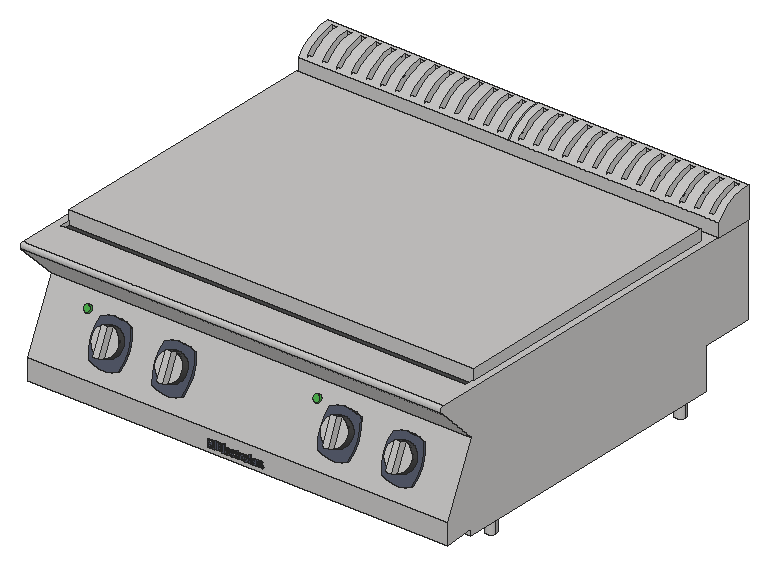
Revit family "QF_ELECTROLUXPROFESSIONAL_371028_E7HOEH4000", category Specialty Equipment, Revit 2018
Family settings
  Round Connector Dimension = Use Diameter
  Part Type = Normal
  Work Plane-Based = No
  Always vertical = Yes
  Cut with Voids When Loaded = No
  Shared = No
  Room Calculation Point = No
Parameters
  Width = 800 mm  # constant formula
  Weight in Pounds = 198  # constant formula
  Watts = 10000 VA  # 10000 W
  Volts = 400 V  # constant formula
  URL Cutsheet = "www.electrolux.com/foodservice"
  URL = "www.electrolux.com/foodservice"
  Type Mark [instance] = ""
  Status [instance] = ""
  Specification by User [instance] = ""
  Specification by Manufacturer = ""
  Show Logo [instance] = yes
  Show Clearance [instance] = yes
  Serial Number = ""
  Seismic Rating = ""
  SMACNA No = ""
  Revision Code [instance] = ""
  Phase = 3  # constant formula
  Omniclass Number and Title = ""
  Number of Poles [instance] = 1
  NAFEM Spec ID Number = ""
  Model = "371028"
  Min Ckt Ampacity = 0 A
  Max Overcurrent Protection = 0 A
  Masterspec = ""
  Manufacturer = "ELECTROLUX"
  Item Number [instance] = ""
  Installed By [instance] = ""
  Identify Quantity as Lot [instance] = yes
  Height = 332 mm  # constant formula
  HP = "13.4 HP"
  Furnished By [instance] = ""
  Foodservice Equipment Identifier [instance] = yes
  FL Amps = 0 A
  Electrical Remarks [instance] = "400 V/3N ph/50/60 Hz"  # constant formula
  Electric Connection Type [instance] = ""
  Elec Conn RI Height [instance] = 0 mm
  Elec Conn Connection Height [instance] = 0 mm
  Direct Waste Size = 0"
  Description = "700XP Electrical Hob Cooking Top 800mm -  400V/3N/50-60Hz"
  Depth = 730 mm  # constant formula
  Cycle = if([60 Hertz Option], 60 Hz, 50 Hz)  # 60 Hz
  Conn Plug = ""
  Conn Conduit = yes
  CSI MasterFormat = ""
  CSI Master Format = ""
  Base Height [instance] = 24 mm  # constant formula
  Apparent Power = if(Phase = 3, Volts * FL Amps * 1.73, Volts * FL Amps)  # 0 VA
  60 Hertz Option = not([50 Hertz Option])  # yes
  50 Hertz Option = no
Reference planes
  plane 1 "BACK": y = 0
  plane 2: z = 0
  plane 3 "LEFT": x = 0
  plane 4 "RIGHT": x = 800
  plane 5 "FRONT": y = -730
  plane 6 "TOP": z = 332
  plane 7 "Center Y": x = 400
  plane 8 "Center X": y = -365
  plane 9 "BASE": z = 24
  plane 10 "TOP A": z = 273.238
  plane 11: y = -597.884
  plane 12: y = -147.637
Forms (mm)
  Extrusion 1, solid, material "QF_Finishes_Stainless Steel"
    sketch origin (0, 0, 0) x (0, 1, 0) y (0, 0, 1)
      loop
        line (0, 273.237) -> (-725.027, 273.237)
        arc (-725.027, 273.237) -> (-730.893, 269.318) -> (-729.517, 262.397) r 6.35
        line (-729.517, 262.397) -> (-657.416, 190.047) -> (-713.522, 69.19) -> (-713.522, 31.09) -> (-660.4, 36.7) -> (-660.4, 24) -> (-101.6, 24) -> (-101.6, 101.788) -> (0, 101.788) -> (0, 273.237)
    from 0 to 800
  Extrusion 2, void
    sketch origin (0, 0, 273.238) x (-1, 0, 0) y (0, -1, 0)
      loop
        line (-15, 93.262) -> (-15, 653.262) -> (-785.019, 653.262) -> (-785.019, 93.262) -> (-15, 93.262)
    from 0 to -6.35
  Extrusion 3, solid, material "QF_Finishes_Stainless Steel"
    sketch origin (0, 0, 0) x (1, 0, 0) y (0, 1, 0)
      loop
        circle (11.112, -147.638) r 9.525
      loop
        circle (11.112, -597.884) r 9.525
      loop
        circle (788.887, -147.638) r 9.525
      loop
        circle (788.887, -597.884) r 9.525
    from 0 to 24
  Extrusion 4, solid, material "QF_Finishes_Navy Blue"
    sketch origin (-25.325, -713.522, 69.19) x (0, 0.421077, 0.907025) y (-1, 0, 0)
      loop
        arc (101.077, -132.565) -> (66.2, -125.548) -> (31.333, -132.61) r 89.894
        arc (31.333, -132.61) -> (24.638, -161.14) -> (31.333, -189.671) r 64.14
        arc (31.333, -189.671) -> (66.2, -196.736) -> (101.077, -189.715) r 89.853
        arc (101.077, -189.715) -> (107.792, -161.14) -> (101.077, -132.565) r 64.16
      loop
        arc (101.077, -253.789) -> (66.2, -246.772) -> (31.333, -253.834) r 89.894
        arc (31.333, -253.834) -> (24.638, -282.364) -> (31.333, -310.895) r 64.14
        arc (31.333, -310.895) -> (66.2, -317.96) -> (101.077, -310.939) r 89.853
        arc (101.077, -310.939) -> (107.792, -282.364) -> (101.077, -253.789) r 64.16
    from 0 to 3.175
  Extrusion 5, solid, material "QF_Finishes_Stainless Steel"
    sketch origin (-25.325, -716.402, 70.527) x (0, 0.421077, 0.907025) y (-1, 0, 0)
      loop
        circle (68.826, -160.963) r 25.4
    from 0 to 12.7
  Extrusion 6, solid, material "QF_Finishes_Stainless Steel"
    sketch origin (-25.325, -727.921, 75.875) x (0, 0.421077, 0.907025) y (-1, 0, 0)
      loop
        arc (93.558, -166.749) -> (94.226, -160.963) -> (93.558, -155.177) r 25.4
        line (93.558, -155.177) -> (44.094, -155.177)
        arc (44.094, -155.177) -> (43.426, -160.963) -> (44.094, -166.749) r 25.4
        line (44.094, -166.749) -> (93.558, -166.749)
    from 0 to 12.7
  Extrusion 7, solid, material "QF_Finishes_Green"
    sketch origin (-80, -709.311, 78.261) x (0, 0.421077, 0.907025) y (-1, 0, 0)
      loop
        circle (93.566, -160.648) r 6.35
    from 0 to 3.175
  Extrusion 8, solid, material "QF_Finishes_Stainless Steel"
    sketch origin (0, -101.6, 101.788) x (0, 0, -1) y (-1, 0, 0)
      loop
        circle (43.882, -736.5) r 12.7
    from 0 to 12.7
  Extrusion 9, solid, material "QF_Finishes_Clearance", visible <- "Show Clearance", detail levels coarse
    sketch origin (0, 0, 0) x (1, 0, 0) y (0, 1, 0)
      loop
        line (0, -731.377) -> (0, 0) -> (800, 0) -> (800, -731.377) -> (950.019, -731.377) -> (950.019, 150.019) -> (-150.019, 150.019) -> (-150.019, -731.377) -> (0, -731.377)
    from 0 to 332
  Extrusion 10, solid, material "QF_Finishes_Stainless Steel"
    sketch origin (417.825, -716.402, 70.527) x (0, 0.421077, 0.907025) y (-1, 0, 0)
      loop
        circle (68.826, 160.963) r 25.4
    from 0 to 12.7
  Extrusion 11, solid, material "QF_Finishes_Stainless Steel"
    sketch origin (417.825, -727.921, 75.875) x (0, 0.421077, 0.907025) y (-1, 0, 0)
      loop
        line (93.558, 166.749) -> (44.094, 166.749)
        arc (44.094, 166.749) -> (43.426, 160.963) -> (44.094, 155.177) r 25.4
        line (44.094, 155.177) -> (93.558, 155.177)
        arc (93.558, 155.177) -> (94.226, 160.963) -> (93.558, 166.749) r 25.4
    from 0 to 12.7
  Extrusion 12, solid, material "QF_Finishes_Stainless Steel"
    sketch origin (0, 0, 266.888) x (-1, 0, 0) y (0, -1, 0)
      loop
        line (-15, 93.262) -> (-15, 635.002) -> (-785.019, 635.002) -> (-785.019, 93.262) -> (-15, 93.262)
    from 0 to 25.4
  Extrusion 13, solid, material "QF_Finishes_Navy Blue", visible <- "Show Logo"
    sketch origin (56.127, -713.772, 32.49) x (0, 0, 1) y (-1, 0, 0)
      loop
        line (20.674, -296.698) -> (8.307, -296.698)
        arc (8.307, -296.698) -> (14.491, -301.27) -> (20.674, -296.698) r 6.467
      loop
        arc (20.674, -296.069) -> (19.505, -290.926) -> (14.849, -288.448) r 6.338
        line (14.849, -288.448) -> (14.849, -290.494)
        arc (14.849, -290.494) -> (16.333, -294.149) -> (19.778, -296.069) r 5.941
        line (19.778, -296.069) -> (20.674, -296.069)
      loop
        arc (9.203, -296.069) -> (12.648, -294.149) -> (14.132, -290.494) r 5.941
        line (14.132, -290.494) -> (14.132, -288.448)
        arc (14.132, -288.448) -> (9.438, -290.922) -> (8.148, -296.069) r 6.504
        line (8.148, -296.069) -> (9.203, -296.069)
      loop
        line (21.349, -287.979) -> (7.604, -287.979) -> (7.604, -301.742) -> (21.349, -301.742) -> (21.349, -287.979)
      loop
        arc (21.432, -304.71) -> (21.085, -304.352) -> (20.718, -304.69) r 0.358
        arc (20.718, -304.69) -> (20.404, -305.44) -> (19.687, -305.825) r 1.216
        line (19.687, -305.825) -> (9.274, -305.825)
        arc (9.274, -305.825) -> (8.614, -305.548) -> (8.218, -304.951) r 1.238
        arc (8.218, -304.951) -> (7.823, -304.7) -> (7.518, -305.054) r 0.358
        line (7.518, -305.054) -> (7.518, -314.933) -> (10.269, -314.933) -> (10.269, -314.036)
        arc (10.269, -314.036) -> (9.36, -313.456) -> (8.904, -312.479) r 1.928
        line (8.904, -312.479) -> (8.904, -309.98)
        arc (8.904, -309.98) -> (9.18, -309.251) -> (9.868, -308.887) r 1.101
        line (9.868, -308.887) -> (13.955, -308.887) -> (13.955, -312.561)
        arc (13.955, -312.561) -> (13.602, -313.058) -> (13.037, -313.286) r 1.083
        arc (13.037, -313.286) -> (12.773, -313.591) -> (13.065, -313.869) r 0.292
        line (13.065, -313.869) -> (16.028, -313.869)
        arc (16.028, -313.869) -> (16.33, -313.596) -> (16.092, -313.266) r 0.305
        arc (16.092, -313.266) -> (15.601, -313.018) -> (15.296, -312.561) r 1.083
        line (15.296, -312.561) -> (15.296, -308.887) -> (19.973, -308.887) -> (19.973, -312.635)
        arc (19.973, -312.635) -> (19.759, -313.39) -> (19.153, -313.888) r 1.314
        arc (19.153, -313.888) -> (18.934, -314.292) -> (19.288, -314.585) r 0.361
        line (19.288, -314.585) -> (21.432, -314.585) -> (21.432, -304.71)
      loop
        arc (20.715, -315.365) -> (20.335, -316.284) -> (19.416, -316.664) r 1.299
        line (19.416, -316.664) -> (9.837, -316.664)
        arc (9.837, -316.664) -> (8.999, -316.286) -> (8.728, -315.408) r 1.118
        line (8.728, -315.408) -> (7.518, -315.408) -> (7.518, -320.758) -> (8.706, -320.758)
        arc (8.706, -320.758) -> (8.978, -319.841) -> (9.848, -319.445) r 1.153
        line (9.848, -319.445) -> (21.92, -319.445) -> (20.715, -315.365)
      loop
        line (12.483, -323.394) -> (12.483, -329.842) -> (13.282, -329.842)
        arc (13.282, -329.842) -> (15.862, -328.857) -> (17.131, -326.404) r 3.874
        line (17.131, -326.404) -> (17.131, -324.643)
        arc (17.131, -324.643) -> (15.944, -321.778) -> (13.08, -320.592) r 4.051
        line (13.08, -320.592) -> (11.072, -320.592)
        arc (11.072, -320.592) -> (8.253, -322.077) -> (7.202, -325.084) r 4.352
        arc (7.202, -325.084) -> (7.566, -327.547) -> (8.943, -329.621) r 5.713
        line (8.943, -329.621) -> (9.892, -329.621)
        arc (9.892, -329.621) -> (9.16, -328.052) -> (8.943, -326.334) r 5.579
        arc (8.943, -326.334) -> (9.737, -324.371) -> (11.616, -323.394) r 3.057
        line (11.616, -323.394) -> (12.483, -323.394)
      loop
        line (13.742, -323.394) -> (13.742, -326.977)
        arc (13.742, -326.977) -> (15.199, -327.024) -> (16.082, -325.864) r 1.59
        line (16.082, -325.864) -> (16.082, -325.034)
        arc (16.082, -325.034) -> (15.217, -323.779) -> (13.742, -323.394) r 2.184
      loop
        arc (16.533, -339.259) -> (17.022, -337.585) -> (17.179, -335.848) r 9.023
        line (17.179, -335.848) -> (17.179, -334.486)
        arc (17.179, -334.486) -> (16.02, -331.686) -> (13.22, -330.527) r 3.959
        line (13.22, -330.527) -> (10.62, -330.527)
        arc (10.62, -330.527) -> (8.338, -331.819) -> (7.221, -334.192) r 4.331
        line (7.221, -334.192) -> (7.221, -336.327)
        arc (7.221, -336.327) -> (7.729, -337.877) -> (8.651, -339.223) r 5.772
        arc (8.651, -339.223) -> (9.412, -339.274) -> (9.499, -338.515) r 0.553
        arc (9.499, -338.515) -> (9.111, -337.781) -> (8.977, -336.962) r 2.573
        line (8.977, -336.962) -> (8.977, -335.447)
        arc (8.977, -335.447) -> (9.983, -333.806) -> (11.798, -333.163) r 2.884
        line (11.798, -333.163) -> (13.077, -333.163)
        arc (13.077, -333.163) -> (14.898, -333.723) -> (15.824, -335.388) r 2.554
        line (15.824, -335.388) -> (15.824, -336.441)
        arc (15.824, -336.441) -> (15.493, -337.369) -> (14.836, -338.104) r 2.564
        arc (14.836, -338.104) -> (14.614, -338.821) -> (15.223, -339.259) r 0.643
        line (15.223, -339.259) -> (16.533, -339.259)
      loop
        line (15.515, -339.53) -> (15.515, -341.031) -> (9.467, -341.031)
        arc (9.467, -341.031) -> (7.879, -341.688) -> (7.221, -343.276) r 2.246
        line (7.221, -343.276) -> (7.221, -344.86)
        arc (7.221, -344.86) -> (7.535, -345.725) -> (8.035, -346.496) r 4.06
        arc (8.035, -346.496) -> (8.768, -346.629) -> (9.019, -345.928) r 0.576
        arc (9.019, -345.928) -> (8.913, -345.403) -> (8.977, -344.87) r 1.69
        arc (8.977, -344.87) -> (9.519, -344.082) -> (10.425, -343.779) r 1.506
        line (10.425, -343.779) -> (15.563, -343.779) -> (15.563, -346.176) -> (16.119, -346.733) -> (16.941, -346.733) -> (16.941, -343.873) -> (20.172, -343.873) -> (15.515, -339.53)
      loop
        line (7.438, -347.63) -> (7.438, -353.017) -> (8.548, -353.017)
        arc (8.548, -353.017) -> (8.942, -352.066) -> (9.893, -351.672) r 1.345
        line (9.893, -351.672) -> (13.509, -351.672)
        arc (13.509, -351.672) -> (14.274, -352.264) -> (14.564, -353.186) r 1.615
        line (14.564, -353.186) -> (14.564, -354.742) -> (17.119, -355.427) -> (17.119, -354.044) -> (15.177, -351.485) -> (17.057, -351.485) -> (16.773, -348.779)
        arc (16.773, -348.779) -> (16.333, -348.249) -> (15.674, -348.45) r 0.621
        arc (15.674, -348.45) -> (15.274, -348.792) -> (14.78, -348.975) r 1.501
        line (14.78, -348.975) -> (9.893, -348.975)
        arc (9.893, -348.975) -> (8.942, -348.581) -> (8.548, -347.63) r 1.345
        line (8.548, -347.63) -> (7.438, -347.63)
      loop
        line (13.54, -354.964) -> (10.848, -354.964)
        arc (10.848, -354.964) -> (8.403, -356.272) -> (7.269, -358.803) r 4.288
        arc (7.269, -358.803) -> (7.205, -360.183) -> (7.269, -361.563) r 15.022
        arc (7.269, -361.563) -> (8.403, -364.094) -> (10.848, -365.401) r 4.288
        line (10.848, -365.401) -> (13.54, -365.401)
        arc (13.54, -365.401) -> (15.986, -364.094) -> (17.119, -361.563) r 4.288
        arc (17.119, -361.563) -> (17.183, -360.183) -> (17.119, -358.803) r 15.022
        arc (17.119, -358.803) -> (15.986, -356.272) -> (13.54, -354.964) r 4.288
      loop
        line (13.745, -358.078) -> (10.643, -358.078)
        arc (10.643, -358.078) -> (8.486, -360.235) -> (10.643, -362.392) r 2.157
        line (10.643, -362.392) -> (13.745, -362.392)
        arc (13.745, -362.392) -> (15.902, -360.235) -> (13.745, -358.078) r 2.157
      loop
        arc (20.726, -365.26) -> (20.355, -366.154) -> (19.461, -366.524) r 1.264
        line (19.461, -366.524) -> (9.597, -366.524)
        arc (9.597, -366.524) -> (8.727, -366.127) -> (8.455, -365.211) r 1.153
        line (8.455, -365.211) -> (7.518, -365.211) -> (7.518, -370.319) -> (8.446, -370.319)
        arc (8.446, -370.319) -> (8.805, -369.547) -> (9.597, -369.232) r 1.153
        line (9.597, -369.232) -> (21.92, -369.232) -> (20.726, -365.26)
      loop
        arc (15.846, -369.857) -> (15.647, -370.921) -> (14.678, -371.403) r 1.215
        line (14.678, -371.403) -> (9.658, -371.403)
        arc (9.658, -371.403) -> (8.043, -372.051) -> (7.322, -373.634) r 2.338
        line (7.322, -373.634) -> (7.322, -375.148)
        arc (7.322, -375.148) -> (7.497, -376.152) -> (7.999, -377.038) r 2.979
        line (7.999, -377.038) -> (7.518, -378.835) -> (7.518, -380.524) -> (16.943, -380.524) -> (16.649, -376.32) -> (15.863, -376.32)
        arc (15.863, -376.32) -> (15.507, -377.156) -> (14.755, -377.665) r 1.605
        line (14.755, -377.665) -> (9.652, -377.665)
        arc (9.652, -377.665) -> (9.232, -376.728) -> (9.159, -375.704) r 2.94
        arc (9.159, -375.704) -> (9.72, -374.603) -> (10.873, -374.16) r 1.724
        line (10.873, -374.16) -> (17.07, -374.16) -> (15.846, -369.857)
      loop
        line (16.874, -381.377) -> (15.202, -383.423) -> (12.028, -385.729) -> (8.572, -382.617)
        arc (8.572, -382.617) -> (8.335, -382.223) -> (8.357, -381.764) r 0.789
        line (8.357, -381.764) -> (7.518, -381.764) -> (7.518, -385.309) -> (8.344, -385.309)
        arc (8.344, -385.309) -> (8.686, -384.947) -> (9.176, -385.039) r 0.52
        line (9.176, -385.039) -> (10.976, -386.51) -> (8.858, -387.886)
        arc (8.858, -387.886) -> (8.457, -387.576) -> (8.37, -387.076) r 0.7
        line (8.37, -387.076) -> (7.518, -387.076) -> (7.518, -393.003) -> (8.405, -393.003)
        arc (8.405, -393.003) -> (8.472, -392.344) -> (8.866, -391.813) r 1.247
        line (8.866, -391.813) -> (13.066, -388.532) -> (15.513, -390.585) -> (16.874, -392.327) -> (16.874, -388.604) -> (15.389, -389.026) -> (13.868, -387.749) -> (15.568, -386.559) -> (16.874, -387.336) -> (16.874, -381.377)
    from 0 to 1.644
  Extrusion 14, solid, material "QF_Finishes_Stainless Steel"
    sketch origin (0, 0, -1.4) x (0, 1, 0) y (0, 0, 1)
      loop
        line (0, 274.638) -> (0, 333.375)
        arc (0, 333.375) -> (-38.879, 324.991) -> (-69.85, 300.038) r 86.156
        line (-69.85, 300.038) -> (-69.85, 274.638) -> (0, 274.638)
    from 0 to 800.1
  Extrusion 15, void
    sketch origin (0, 0, 273.238) x (-1, 0, 0) y (0, -1, 0)
      loop
        line (-13.453, 6.761) -> (-13.453, 63.911) -> (-22.749, 63.911) -> (-22.749, 6.761) -> (-13.453, 6.761)
    from 25.4 to 63.5
  Extrusion 16, void
    sketch origin (361.95, 0, 273.238) x (-1, 0, 0) y (0, -1, 0)
      loop
        line (-13.453, 6.761) -> (-13.453, 63.911) -> (-22.749, 63.911) -> (-22.749, 6.761) -> (-13.453, 6.761)
    from 25.4 to 63.5
  Extrusion 17, void
    sketch origin (27.842, 0, 273.238) x (-1, 0, 0) y (0, -1, 0)
      loop
        line (-13.453, 6.761) -> (-13.453, 63.911) -> (-22.749, 63.911) -> (-22.749, 6.761) -> (-13.453, 6.761)
    from 25.4 to 63.5
  Extrusion 18, void
    sketch origin (55.685, 0, 273.238) x (-1, 0, 0) y (0, -1, 0)
      loop
        line (-13.453, 6.761) -> (-13.453, 63.911) -> (-22.749, 63.911) -> (-22.749, 6.761) -> (-13.453, 6.761)
    from 25.4 to 63.5
  Extrusion 19, void
    sketch origin (83.527, 0, 273.238) x (-1, 0, 0) y (0, -1, 0)
      loop
        line (-13.453, 6.761) -> (-13.453, 63.911) -> (-22.749, 63.911) -> (-22.749, 6.761) -> (-13.453, 6.761)
    from 25.4 to 63.5
  Extrusion 20, void
    sketch origin (111.369, 0, 273.238) x (-1, 0, 0) y (0, -1, 0)
      loop
        line (-13.453, 6.761) -> (-13.453, 63.911) -> (-22.749, 63.911) -> (-22.749, 6.761) -> (-13.453, 6.761)
    from 25.4 to 63.5
  Extrusion 21, void
    sketch origin (139.212, 0, 273.238) x (-1, 0, 0) y (0, -1, 0)
      loop
        line (-13.453, 6.761) -> (-13.453, 63.911) -> (-22.749, 63.911) -> (-22.749, 6.761) -> (-13.453, 6.761)
    from 25.4 to 63.5
  Extrusion 22, void
    sketch origin (167.054, 0, 273.238) x (-1, 0, 0) y (0, -1, 0)
      loop
        line (-13.453, 6.761) -> (-13.453, 63.911) -> (-22.749, 63.911) -> (-22.749, 6.761) -> (-13.453, 6.761)
    from 25.4 to 63.5
  Extrusion 23, void
    sketch origin (194.896, 0, 273.238) x (-1, 0, 0) y (0, -1, 0)
      loop
        line (-13.453, 6.761) -> (-13.453, 63.911) -> (-22.749, 63.911) -> (-22.749, 6.761) -> (-13.453, 6.761)
    from 25.4 to 63.5
  Extrusion 24, void
    sketch origin (222.738, 0, 273.238) x (-1, 0, 0) y (0, -1, 0)
      loop
        line (-13.453, 6.761) -> (-13.453, 63.911) -> (-22.749, 63.911) -> (-22.749, 6.761) -> (-13.453, 6.761)
    from 25.4 to 63.5
  Extrusion 25, void
    sketch origin (250.581, 0, 273.238) x (-1, 0, 0) y (0, -1, 0)
      loop
        line (-13.453, 6.761) -> (-13.453, 63.911) -> (-22.749, 63.911) -> (-22.749, 6.761) -> (-13.453, 6.761)
    from 25.4 to 63.5
  Extrusion 26, void
    sketch origin (278.423, 0, 273.238) x (-1, 0, 0) y (0, -1, 0)
      loop
        line (-13.453, 6.761) -> (-13.453, 63.911) -> (-22.749, 63.911) -> (-22.749, 6.761) -> (-13.453, 6.761)
    from 25.4 to 63.5
  Extrusion 27, void
    sketch origin (306.265, 0, 273.238) x (-1, 0, 0) y (0, -1, 0)
      loop
        line (-13.453, 6.761) -> (-13.453, 63.911) -> (-22.749, 63.911) -> (-22.749, 6.761) -> (-13.453, 6.761)
    from 25.4 to 63.5
  Extrusion 28, void
    sketch origin (334.108, 0, 273.238) x (-1, 0, 0) y (0, -1, 0)
      loop
        line (-13.453, 6.761) -> (-13.453, 63.911) -> (-22.749, 63.911) -> (-22.749, 6.761) -> (-13.453, 6.761)
    from 25.4 to 63.5
  Extrusion 29, void
    sketch origin (800.1, 0, 273.238) x (1, 0, 0) y (0, 1, 0)
      loop
        line (-13.453, -6.761) -> (-22.749, -6.761) -> (-22.749, -63.911) -> (-13.453, -63.911) -> (-13.453, -6.761)
    from 25.4 to 63.5
  Extrusion 30, void
    sketch origin (438.15, 0, 273.238) x (1, 0, 0) y (0, 1, 0)
      loop
        line (-13.453, -6.761) -> (-22.749, -6.761) -> (-22.749, -63.911) -> (-13.453, -63.911) -> (-13.453, -6.761)
    from 25.4 to 63.5
  Extrusion 31, void
    sketch origin (772.258, 0, 273.238) x (1, 0, 0) y (0, 1, 0)
      loop
        line (-13.453, -6.761) -> (-22.749, -6.761) -> (-22.749, -63.911) -> (-13.453, -63.911) -> (-13.453, -6.761)
    from 25.4 to 63.5
  Extrusion 32, void
    sketch origin (744.415, 0, 273.238) x (1, 0, 0) y (0, 1, 0)
      loop
        line (-13.453, -6.761) -> (-22.749, -6.761) -> (-22.749, -63.911) -> (-13.453, -63.911) -> (-13.453, -6.761)
    from 25.4 to 63.5
  Extrusion 33, void
    sketch origin (716.573, 0, 273.238) x (1, 0, 0) y (0, 1, 0)
      loop
        line (-13.453, -6.761) -> (-22.749, -6.761) -> (-22.749, -63.911) -> (-13.453, -63.911) -> (-13.453, -6.761)
    from 25.4 to 63.5
  Extrusion 34, void
    sketch origin (688.731, 0, 273.238) x (1, 0, 0) y (0, 1, 0)
      loop
        line (-13.453, -6.761) -> (-22.749, -6.761) -> (-22.749, -63.911) -> (-13.453, -63.911) -> (-13.453, -6.761)
    from 25.4 to 63.5
  Extrusion 35, void
    sketch origin (660.888, 0, 273.238) x (1, 0, 0) y (0, 1, 0)
      loop
        line (-13.453, -6.761) -> (-22.749, -6.761) -> (-22.749, -63.911) -> (-13.453, -63.911) -> (-13.453, -6.761)
    from 25.4 to 63.5
  Extrusion 36, void
    sketch origin (633.046, 0, 273.238) x (1, 0, 0) y (0, 1, 0)
      loop
        line (-13.453, -6.761) -> (-22.749, -6.761) -> (-22.749, -63.911) -> (-13.453, -63.911) -> (-13.453, -6.761)
    from 25.4 to 63.5
  Extrusion 37, void
    sketch origin (605.204, 0, 273.238) x (1, 0, 0) y (0, 1, 0)
      loop
        line (-13.453, -6.761) -> (-22.749, -6.761) -> (-22.749, -63.911) -> (-13.453, -63.911) -> (-13.453, -6.761)
    from 25.4 to 63.5
  Extrusion 38, void
    sketch origin (577.362, 0, 273.238) x (1, 0, 0) y (0, 1, 0)
      loop
        line (-13.453, -6.761) -> (-22.749, -6.761) -> (-22.749, -63.911) -> (-13.453, -63.911) -> (-13.453, -6.761)
    from 25.4 to 63.5
  Extrusion 39, void
    sketch origin (549.519, 0, 273.238) x (1, 0, 0) y (0, 1, 0)
      loop
        line (-13.453, -6.761) -> (-22.749, -6.761) -> (-22.749, -63.911) -> (-13.453, -63.911) -> (-13.453, -6.761)
    from 25.4 to 63.5
  Extrusion 40, void
    sketch origin (521.677, 0, 273.238) x (1, 0, 0) y (0, 1, 0)
      loop
        line (-13.453, -6.761) -> (-22.749, -6.761) -> (-22.749, -63.911) -> (-13.453, -63.911) -> (-13.453, -6.761)
    from 25.4 to 63.5
  Extrusion 41, void
    sketch origin (493.835, 0, 273.238) x (1, 0, 0) y (0, 1, 0)
      loop
        line (-13.453, -6.761) -> (-22.749, -6.761) -> (-22.749, -63.911) -> (-13.453, -63.911) -> (-13.453, -6.761)
    from 25.4 to 63.5
  Extrusion 42, void
    sketch origin (465.992, 0, 273.238) x (1, 0, 0) y (0, 1, 0)
      loop
        line (-13.453, -6.761) -> (-22.749, -6.761) -> (-22.749, -63.911) -> (-13.453, -63.911) -> (-13.453, -6.761)
    from 25.4 to 63.5
  Extrusion 43, void
    sketch origin (418.151, 0, 273.238) x (1, 0, 0) y (0, 1, 0)
      loop
        line (-16.513, 0) -> (-19.688, 0) -> (-19.688, -69.85) -> (-16.513, -69.85) -> (-16.513, 0)
    from 25.4 to 63.5
  Extrusion 44, solid, material "QF_Finishes_Navy Blue"
    sketch origin (411.208, -713.522, 69.19) x (0, 0.421077, 0.907025) y (-1, 0, 0)
      loop
        arc (101.077, -132.565) -> (66.2, -125.548) -> (31.333, -132.61) r 89.894
        arc (31.333, -132.61) -> (24.638, -161.14) -> (31.333, -189.671) r 64.14
        arc (31.333, -189.671) -> (66.2, -196.736) -> (101.077, -189.715) r 89.853
        arc (101.077, -189.715) -> (107.792, -161.14) -> (101.077, -132.565) r 64.16
      loop
        arc (101.077, -253.789) -> (66.2, -246.772) -> (31.333, -253.834) r 89.894
        arc (31.333, -253.834) -> (24.638, -282.364) -> (31.333, -310.895) r 64.14
        arc (31.333, -310.895) -> (66.2, -317.96) -> (101.077, -310.939) r 89.853
        arc (101.077, -310.939) -> (107.792, -282.364) -> (101.077, -253.789) r 64.16
    from 0 to 3.175
  Extrusion 45, solid, material "QF_Finishes_Stainless Steel"
    sketch origin (411.208, -716.402, 70.527) x (0, 0.421077, 0.907025) y (-1, 0, 0)
      loop
        circle (68.826, -160.963) r 25.4
    from 0 to 12.7
  Extrusion 46, solid, material "QF_Finishes_Stainless Steel"
    sketch origin (411.208, -727.921, 75.875) x (0, 0.421077, 0.907025) y (-1, 0, 0)
      loop
        arc (93.558, -166.749) -> (94.226, -160.963) -> (93.558, -155.177) r 25.4
        line (93.558, -155.177) -> (44.094, -155.177)
        arc (44.094, -155.177) -> (43.426, -160.963) -> (44.094, -166.749) r 25.4
        line (44.094, -166.749) -> (93.558, -166.749)
    from 0 to 12.7
  Extrusion 47, solid, material "QF_Finishes_Green"
    sketch origin (356.533, -709.311, 78.261) x (0, 0.421077, 0.907025) y (-1, 0, 0)
      loop
        circle (93.566, -160.648) r 6.35
    from 0 to 3.175
  Extrusion 48, solid, material "QF_Finishes_Stainless Steel"
    sketch origin (854.358, -716.402, 70.527) x (0, 0.421077, 0.907025) y (-1, 0, 0)
      loop
        circle (68.826, 160.963) r 25.4
    from 0 to 12.7
  Extrusion 49, solid, material "QF_Finishes_Stainless Steel"
    sketch origin (854.358, -727.921, 75.875) x (0, 0.421077, 0.907025) y (-1, 0, 0)
      loop
        line (93.558, 166.749) -> (44.094, 166.749)
        arc (44.094, 166.749) -> (43.426, 160.963) -> (44.094, 155.177) r 25.4
        line (44.094, 155.177) -> (93.558, 155.177)
        arc (93.558, 155.177) -> (94.226, 160.963) -> (93.558, 166.749) r 25.4
    from 0 to 12.7
Cuts and joins
  Extrusion 2, Extrusion 15, Extrusion 16, Extrusion 17, Extrusion 18, Extrusion 19, Extrusion 20, Extrusion 21, Extrusion 22, Extrusion 23, Extrusion 24, Extrusion 25, Extrusion 26, Extrusion 27, Extrusion 28, Extrusion 29, Extrusion 30, Extrusion 31, Extrusion 32, Extrusion 33, Extrusion 34, Extrusion 35, Extrusion 36, Extrusion 37, Extrusion 38, Extrusion 39, Extrusion 40, Extrusion 41, Extrusion 42, Extrusion 43 cuts Extrusion 1
  joined: Extrusion 5, Extrusion 6
  Extrusion 15 cuts Extrusion 9
  Extrusion 15, Extrusion 16, Extrusion 17, Extrusion 18, Extrusion 19, Extrusion 20, Extrusion 21, Extrusion 22, Extrusion 23, Extrusion 24, Extrusion 25, Extrusion 26, Extrusion 27, Extrusion 28, Extrusion 29, Extrusion 30, Extrusion 31, Extrusion 32, Extrusion 33, Extrusion 34, Extrusion 35, Extrusion 36, Extrusion 37, Extrusion 38, Extrusion 39, Extrusion 40, Extrusion 41, Extrusion 42, Extrusion 43 cuts Extrusion 14
Lines and regions (mm)
  symbolic lines, style "QF-Clearances", visible <- "Show Clearance", detail levels coarse
    curve 1: line (-150.019, 150.019, 273.238) -> (-150.019, -731.377, 273.238)
    curve 2: line (950.019, 150.019, 273.237) -> (-150.019, 150.019, 273.238)
    curve 3: line (950.019, -731.377, 273.237) -> (950.019, 150.019, 273.237)
  symbolic lines
    curve 4: line (0, 0, 273.238) -> (800, 0, 273.237)
    curve 5: line (0, -730, 273.238) -> (0, 0, 273.238)
    curve 6: line (800, 0, 273.237) -> (800, -730, 273.237)
    curve 7: line (31.725, -69.85, 273.238) -> (0, -69.85, 273.238)
    curve 8: line (0, -69.85, 273.238) -> (0, -120.65, 273.238)
    curve 9: line (0, -69.85, 273.238) -> (800, -69.85, 273.237)
    curve 10: line (800, -730, 273.237) -> (0, -730, 273.238)
    curve 11: line (15, -653.262, 266.888) -> (15, -93.262, 266.888)
    curve 12: line (15, -93.262, 266.888) -> (785.019, -93.262, 266.887)
    curve 13: line (785.019, -93.262, 266.887) -> (785.019, -653.262, 266.887)
    curve 14: line (785.019, -653.262, 266.887) -> (15, -653.262, 266.888)
    curve 15: line (13.453, -63.911, 266.888) -> (13.453, -6.761, 266.888)
    curve 16: line (13.453, -6.761, 266.888) -> (22.749, -6.761, 266.888)
    curve 17: line (22.749, -6.761, 266.888) -> (22.749, -63.911, 266.888)
    curve 18: line (22.749, -63.911, 266.888) -> (13.453, -63.911, 266.888)
    curve 19: line (375.403, -63.911, 266.887) -> (375.403, -6.761, 266.887)
    curve 20: line (375.403, -6.761, 266.887) -> (384.699, -6.761, 266.887)
    curve 21: line (384.699, -6.761, 266.887) -> (384.699, -63.911, 266.887)
    curve 22: line (384.699, -63.911, 266.887) -> (375.403, -63.911, 266.887)
    curve 23: line (41.295, -63.911, 266.888) -> (41.295, -6.761, 266.888)
    curve 24: line (41.295, -6.761, 266.888) -> (50.591, -6.761, 266.888)
    curve 25: line (50.591, -6.761, 266.888) -> (50.591, -63.911, 266.888)
    curve 26: line (50.591, -63.911, 266.888) -> (41.295, -63.911, 266.888)
    curve 27: line (69.137, -63.911, 266.888) -> (69.137, -6.761, 266.888)
    curve 28: line (69.137, -6.761, 266.888) -> (78.433, -6.761, 266.888)
    curve 29: line (78.433, -6.761, 266.888) -> (78.433, -63.911, 266.888)
    curve 30: line (78.433, -63.911, 266.888) -> (69.137, -63.911, 266.888)
    curve 31: line (96.98, -63.911, 266.888) -> (96.98, -6.761, 266.888)
    curve 32: line (96.98, -6.761, 266.888) -> (106.275, -6.761, 266.888)
    curve 33: line (106.275, -6.761, 266.888) -> (106.275, -63.911, 266.888)
    curve 34: line (106.275, -63.911, 266.888) -> (96.98, -63.911, 266.888)
    curve 35: line (124.822, -63.911, 266.888) -> (124.822, -6.761, 266.888)
    curve 36: line (124.822, -6.761, 266.888) -> (134.118, -6.761, 266.888)
    curve 37: line (134.118, -6.761, 266.888) -> (134.118, -63.911, 266.888)
    curve 38: line (134.118, -63.911, 266.888) -> (124.822, -63.911, 266.888)
    curve 39: line (152.664, -63.911, 266.888) -> (152.664, -6.761, 266.888)
    curve 40: line (152.664, -6.761, 266.888) -> (161.96, -6.761, 266.888)
    curve 41: line (161.96, -6.761, 266.888) -> (161.96, -63.911, 266.888)
    curve 42: line (161.96, -63.911, 266.888) -> (152.664, -63.911, 266.888)
    curve 43: line (180.507, -63.911, 266.888) -> (180.507, -6.761, 266.888)
    curve 44: line (180.507, -6.761, 266.888) -> (189.802, -6.761, 266.888)
    curve 45: line (189.802, -6.761, 266.888) -> (189.802, -63.911, 266.888)
    curve 46: line (189.802, -63.911, 266.888) -> (180.507, -63.911, 266.888)
    curve 47: line (208.349, -63.911, 266.888) -> (208.349, -6.761, 266.888)
    curve 48: line (208.349, -6.761, 266.888) -> (217.645, -6.761, 266.888)
    curve 49: line (217.645, -6.761, 266.888) -> (217.645, -63.911, 266.888)
    curve 50: line (217.645, -63.911, 266.888) -> (208.349, -63.911, 266.888)
    curve 51: line (236.191, -63.911, 266.888) -> (236.191, -6.761, 266.888)
    curve 52: line (236.191, -6.761, 266.888) -> (245.487, -6.761, 266.888)
    curve 53: line (245.487, -6.761, 266.888) -> (245.487, -63.911, 266.888)
    curve 54: line (245.487, -63.911, 266.888) -> (236.191, -63.911, 266.888)
    curve 55: line (264.034, -63.911, 266.888) -> (264.034, -6.761, 266.888)
    curve 56: line (264.034, -6.761, 266.888) -> (273.329, -6.761, 266.888)
    curve 57: line (273.329, -6.761, 266.888) -> (273.329, -63.911, 266.888)
    curve 58: line (273.329, -63.911, 266.888) -> (264.034, -63.911, 266.888)
    curve 59: line (291.876, -63.911, 266.888) -> (291.876, -6.761, 266.888)
    curve 60: line (291.876, -6.761, 266.888) -> (301.172, -6.761, 266.888)
    curve 61: line (301.172, -6.761, 266.888) -> (301.172, -63.911, 266.888)
    curve 62: line (301.172, -63.911, 266.888) -> (291.876, -63.911, 266.888)
    curve 63: line (319.718, -63.911, 266.888) -> (319.718, -6.761, 266.888)
    curve 64: line (319.718, -6.761, 266.888) -> (329.014, -6.761, 266.888)
    curve 65: line (329.014, -6.761, 266.888) -> (329.014, -63.911, 266.888)
    curve 66: line (329.014, -63.911, 266.888) -> (319.718, -63.911, 266.888)
    curve 67: line (347.561, -63.911, 266.888) -> (347.561, -6.761, 266.888)
    curve 68: line (347.561, -6.761, 266.888) -> (356.856, -6.761, 266.888)
    curve 69: line (356.856, -6.761, 266.888) -> (356.856, -63.911, 266.888)
    curve 70: line (356.856, -63.911, 266.888) -> (347.561, -63.911, 266.888)
    curve 71: line (786.547, -63.911, 266.888) -> (786.547, -6.761, 266.888)
    curve 72: line (786.547, -6.761, 266.888) -> (777.251, -6.761, 266.888)
    curve 73: line (777.251, -6.761, 266.888) -> (777.251, -63.911, 266.888)
    curve 74: line (777.251, -63.911, 266.888) -> (786.547, -63.911, 266.888)
    curve 75: line (424.597, -63.911, 266.887) -> (424.597, -6.761, 266.887)
    curve 76: line (424.597, -6.761, 266.887) -> (415.301, -6.761, 266.887)
    curve 77: line (415.301, -6.761, 266.887) -> (415.301, -63.911, 266.887)
    curve 78: line (415.301, -63.911, 266.887) -> (424.597, -63.911, 266.887)
    curve 79: line (758.705, -63.911, 266.888) -> (758.705, -6.761, 266.888)
    curve 80: line (758.705, -6.761, 266.888) -> (749.409, -6.761, 266.888)
    curve 81: line (749.409, -6.761, 266.888) -> (749.409, -63.911, 266.888)
    curve 82: line (749.409, -63.911, 266.888) -> (758.705, -63.911, 266.888)
    curve 83: line (730.863, -63.911, 266.888) -> (730.863, -6.761, 266.888)
    curve 84: line (730.863, -6.761, 266.888) -> (721.567, -6.761, 266.888)
    curve 85: line (721.567, -6.761, 266.888) -> (721.567, -63.911, 266.888)
    curve 86: line (721.567, -63.911, 266.888) -> (730.863, -63.911, 266.888)
    curve 87: line (703.02, -63.911, 266.888) -> (703.02, -6.761, 266.888)
    curve 88: line (703.02, -6.761, 266.888) -> (693.725, -6.761, 266.888)
    curve 89: line (693.725, -6.761, 266.888) -> (693.725, -63.911, 266.888)
    curve 90: line (693.725, -63.911, 266.888) -> (703.02, -63.911, 266.888)
    curve 91: line (675.178, -63.911, 266.888) -> (675.178, -6.761, 266.888)
    curve 92: line (675.178, -6.761, 266.888) -> (665.882, -6.761, 266.888)
    curve 93: line (665.882, -6.761, 266.888) -> (665.882, -63.911, 266.888)
    curve 94: line (665.882, -63.911, 266.888) -> (675.178, -63.911, 266.888)
    curve 95: line (647.336, -63.911, 266.888) -> (647.336, -6.761, 266.888)
    curve 96: line (647.336, -6.761, 266.888) -> (638.04, -6.761, 266.888)
    curve 97: line (638.04, -6.761, 266.888) -> (638.04, -63.911, 266.888)
    curve 98: line (638.04, -63.911, 266.888) -> (647.336, -63.911, 266.888)
    curve 99: line (619.493, -63.911, 266.888) -> (619.493, -6.761, 266.888)
    curve 100: line (619.493, -6.761, 266.888) -> (610.198, -6.761, 266.888)
    curve 101: line (610.198, -6.761, 266.888) -> (610.198, -63.911, 266.888)
    curve 102: line (610.198, -63.911, 266.888) -> (619.493, -63.911, 266.888)
    curve 103: line (591.651, -63.911, 266.888) -> (591.651, -6.761, 266.888)
    curve 104: line (591.651, -6.761, 266.888) -> (582.355, -6.761, 266.888)
    curve 105: line (582.355, -6.761, 266.888) -> (582.355, -63.911, 266.888)
    curve 106: line (582.355, -63.911, 266.888) -> (591.651, -63.911, 266.888)
    curve 107: line (563.809, -63.911, 266.888) -> (563.809, -6.761, 266.888)
    curve 108: line (563.809, -6.761, 266.888) -> (554.513, -6.761, 266.888)
    curve 109: line (554.513, -6.761, 266.888) -> (554.513, -63.911, 266.888)
    curve 110: line (554.513, -63.911, 266.888) -> (563.809, -63.911, 266.888)
    curve 111: line (535.966, -63.911, 266.888) -> (535.966, -6.761, 266.888)
    curve 112: line (535.966, -6.761, 266.888) -> (526.671, -6.761, 266.888)
    curve 113: line (526.671, -6.761, 266.888) -> (526.671, -63.911, 266.888)
    curve 114: line (526.671, -63.911, 266.888) -> (535.966, -63.911, 266.888)
    curve 115: line (508.124, -63.911, 266.888) -> (508.124, -6.761, 266.888)
    curve 116: line (508.124, -6.761, 266.888) -> (498.828, -6.761, 266.888)
    curve 117: line (498.828, -6.761, 266.888) -> (498.828, -63.911, 266.888)
    curve 118: line (498.828, -63.911, 266.888) -> (508.124, -63.911, 266.888)
    curve 119: line (480.282, -63.911, 266.888) -> (480.282, -6.761, 266.888)
    curve 120: line (480.282, -6.761, 266.888) -> (470.986, -6.761, 266.888)
    curve 121: line (470.986, -6.761, 266.888) -> (470.986, -63.911, 266.888)
    curve 122: line (470.986, -63.911, 266.888) -> (480.282, -63.911, 266.888)
    curve 123: line (452.439, -63.911, 266.888) -> (452.439, -6.761, 266.888)
    curve 124: line (452.439, -6.761, 266.888) -> (443.144, -6.761, 266.888)
    curve 125: line (443.144, -6.761, 266.888) -> (443.144, -63.911, 266.888)
    curve 126: line (443.144, -63.911, 266.888) -> (452.439, -63.911, 266.888)
    curve 127: line (401.638, -69.85, 266.887) -> (401.638, 0, 266.887)
    curve 128: line (398.463, 0, 266.887) -> (398.463, -69.85, 266.887)
Dimensions and locks
  equal spacing: plane 3 "LEFT", plane 7 "Center Y", plane 4 "RIGHT"
  "Width": plane 3 "LEFT" to plane 4 "RIGHT"
  equal spacing: plane 5 "FRONT", plane 8 "Center X", plane 1 "BACK"
  "Depth": plane 5 "FRONT" to plane 1 "BACK"
  "Height": plane 6 "TOP" to level
  "Base Height": plane 9 "BASE" to level
  plane 1 "BACK" to plane 5 "FRONT" = 730 mm
  plane 10 "TOP A" to plane 9 "BASE" = 249.237 mm
  aligned and locked: level to plane 2
  aligned and locked: plane 4 "RIGHT" to Extrusion 1
  aligned and locked: Extrusion 3 to plane 9 "BASE"
  aligned and locked: plane 6 "TOP" to Extrusion 9
Automatic sketch dimensions
  Extrusion 1 sketch curve to plane 10 "TOP A" = 0 mm
  Extrusion 1 sketch curve to plane 9 "BASE" = 0 mm
  Extrusion 1 sketch curve to plane 1 "BACK" = 0 mm
  Extrusion 1 sketch curve to plane 12 = 46.038 mm
  plane 11 to Extrusion 1 sketch curve = 59.531 mm
  plane 9 "BASE" to Extrusion 1 sketch curve = 12.7 mm
  plane 11 to Extrusion 1 sketch curve = 62.516 mm
  Extrusion 1 sketch curve to plane 5 "FRONT" = 16.478 mm
  Extrusion 1 sketch curve to plane 5 "FRONT" = 4.973 mm
  Extrusion 1 sketch curve to plane 5 "FRONT" = 0.483 mm
  plane 9 "BASE" to Extrusion 1 sketch curve = 7.09 mm
  Extrusion 1 sketch curve to Extrusion 1 sketch curve = 38.1 mm
  plane 9 "BASE" to Extrusion 1 sketch curve = 77.788 mm
  Extrusion 1 sketch curve to plane 10 "TOP A" = 83.191 mm
  Extrusion 1 sketch curve to plane 10 "TOP A" = 10.84 mm
  Extrusion 2 sketch curve to plane 4 "RIGHT" = 14.981 mm
  plane 3 "LEFT" to Extrusion 2 sketch curve = 15 mm
  Extrusion 2 sketch curve to plane 12 = 54.376 mm
  plane 11 to Extrusion 2 sketch curve = 55.377 mm
  plane 11 to Extrusion 3 sketch curve = 0 mm  (x2)
  plane 12 to Extrusion 3 sketch curve = 0 mm  (x2)
  plane 3 "LEFT" to Extrusion 3 sketch curve = 11.112 mm  (x2)
  Extrusion 3 sketch curve to plane 4 "RIGHT" = 11.113 mm  (x2)
  Extrusion 4 sketch curve to Extrusion 1 = 31.333 mm  (x4)
  Extrusion 4 sketch curve to Extrusion 4 sketch curve = 12.3 mm  (x6)
  Extrusion 4 sketch curve to Extrusion 4 sketch curve = 34.925 mm  (x3)
  Extrusion 4 sketch curve to Extrusion 4 sketch curve = 0 mm
  Extrusion 1 to Extrusion 4 sketch curve = 44.467 mm  (x2)
  Extrusion 1 to Extrusion 4 sketch curve = 311.341 mm
  Extrusion 4 sketch curve to Extrusion 4 sketch curve = 25.727 mm  (x2)
  Extrusion 4 sketch curve to Extrusion 4 sketch curve = 25.771 mm  (x2)
  Extrusion 4 sketch curve to Extrusion 4 sketch curve = 28.531 mm  (x2)
  Extrusion 4 sketch curve to Extrusion 4 sketch curve = 12.664 mm
  Extrusion 6 sketch curve to Extrusion 6 sketch curve = 24.732 mm
  Extrusion 6 sketch curve to Extrusion 6 sketch curve = 0 mm
  Extrusion 1 to Extrusion 7 sketch curve = 29.678 mm
  Extrusion 1 to Extrusion 7 sketch curve = 80.648 mm
  Extrusion 1 to Extrusion 8 sketch curve = 33.906 mm
  Extrusion 1 to Extrusion 8 sketch curve = 63.5 mm
  plane 1 "BACK" to Extrusion 9 sketch curve = 0 mm
  Extrusion 9 sketch curve to plane 3 "LEFT" = 0 mm
  Extrusion 9 sketch curve to plane 4 "RIGHT" = 0 mm
  Extrusion 9 sketch curve to plane 3 "LEFT" = 150.019 mm
  plane 5 "FRONT" to Extrusion 9 sketch curve = 1.377 mm  (x2)
  plane 4 "RIGHT" to Extrusion 9 sketch curve = 150.019 mm
  Extrusion 9 sketch curve to plane 1 "BACK" = 150.019 mm
  plane 1 "BACK" to curve 6 = 0 mm
  curve 6 to plane 4 "RIGHT" = 0 mm
  curve 10 to plane 3 "LEFT" = 0 mm
  curve 7 to plane 3 "LEFT" = 0 mm
  plane 5 "FRONT" to curve 5 = 0 mm
  plane 5 "FRONT" to curve 3 = 1.377 mm
  plane 4 "RIGHT" to curve 3 = 150.019 mm
  curve 7 to curve 7 = 31.725 mm
  plane 5 "FRONT" to curve 1 = 1.377 mm
  curve 1 to plane 3 "LEFT" = 150.019 mm
  curve 1 to plane 1 "BACK" = 150.019 mm
  curve 4 to curve 8 = 69.85 mm
  curve 4 to curve 9 = 69.85 mm
  curve 8 to plane 12 = 26.988 mm
  Extrusion 2 to curve 13 = 0 mm
  curve 13 to Extrusion 2 = 0 mm
  curve 12 to Extrusion 2 = 0 mm  (x2)
  Extrusion 10 sketch curve to plane 7 "Center Y" = 143.138 mm
  Extrusion 11 sketch curve to Extrusion 11 sketch curve = 24.732 mm
  Extrusion 11 sketch curve to Extrusion 11 sketch curve = 0 mm
  Extrusion 12 sketch curve to Extrusion 2 = 0 mm  (x3)
  Extrusion 12 sketch curve to Extrusion 2 = 18.26 mm
  Extrusion 13 sketch curve to plane 7 "Center Y" = 0 mm
  plane 9 "BASE" to Extrusion 13 sketch curve = 10.651 mm
  plane 9 "BASE" to Extrusion 13 sketch curve = 15.692 mm
  plane 7 "Center Y" to Extrusion 13 sketch curve = 0.987 mm
  plane 9 "BASE" to Extrusion 13 sketch curve = 15.711 mm
  Extrusion 13 sketch curve to Extrusion 13 sketch curve = 0 mm  (x28)
  Extrusion 13 sketch curve to Extrusion 13 sketch curve = 5.108 mm  (x2)
  Extrusion 13 sketch curve to Extrusion 13 sketch curve = 0.054 mm
  Extrusion 13 sketch curve to Extrusion 13 sketch curve = 0.218 mm
  Extrusion 13 sketch curve to Extrusion 13 sketch curve = 0.195 mm
  Extrusion 13 sketch curve to Extrusion 13 sketch curve = 0.249 mm
  plane 9 "BASE" to Extrusion 13 sketch curve = 16.008 mm
  Extrusion 13 sketch curve to Extrusion 13 sketch curve = 0.087 mm
  Extrusion 13 sketch curve to Extrusion 13 sketch curve = 0.358 mm
  Extrusion 13 sketch curve to Extrusion 13 sketch curve = 0.481 mm
  Extrusion 13 sketch curve to Extrusion 13 sketch curve = 0.597 mm
  Extrusion 13 sketch curve to Extrusion 13 sketch curve = 0.544 mm
  Extrusion 13 sketch curve to Extrusion 13 sketch curve = 0.936 mm
  Extrusion 13 sketch curve to Extrusion 13 sketch curve = 0.594 mm
  Extrusion 13 sketch curve to Extrusion 13 sketch curve = 0.343 mm
  Extrusion 13 sketch curve to Extrusion 13 sketch curve = 0.159 mm
  Extrusion 13 sketch curve to Extrusion 13 sketch curve = 0.826 mm
  Extrusion 13 sketch curve to Extrusion 13 sketch curve = 0.839 mm
  Extrusion 13 sketch curve to Extrusion 13 sketch curve = 0.852 mm
  Extrusion 13 sketch curve to Extrusion 13 sketch curve = 0.887 mm
  Extrusion 13 sketch curve to Extrusion 13 sketch curve = 0.928 mm
  Extrusion 13 sketch curve to Extrusion 13 sketch curve = 0.938 mm
  Extrusion 13 sketch curve to Extrusion 13 sketch curve = 0.444 mm
  Extrusion 13 sketch curve to Extrusion 13 sketch curve = 1.11 mm  (x3)
  Extrusion 13 sketch curve to Extrusion 13 sketch curve = 0.215 mm
  Extrusion 13 sketch curve to Extrusion 13 sketch curve = 1.43 mm
  Extrusion 13 sketch curve to Extrusion 13 sketch curve = 1.188 mm
  Extrusion 13 sketch curve to Extrusion 13 sketch curve = 1.21 mm  (x2)
  Extrusion 13 sketch curve to Extrusion 13 sketch curve = 0.503 mm
  Extrusion 13 sketch curve to Extrusion 13 sketch curve = 0.488 mm
  Extrusion 13 sketch curve to Extrusion 13 sketch curve = 0.462 mm
  Extrusion 13 sketch curve to Extrusion 13 sketch curve = 1.386 mm
  Extrusion 13 sketch curve to Extrusion 13 sketch curve = 1.742 mm  (x2)
  Extrusion 13 sketch curve to Extrusion 13 sketch curve = 0.821 mm
  Extrusion 13 sketch curve to Extrusion 13 sketch curve = 0.497 mm
  Extrusion 13 sketch curve to Extrusion 13 sketch curve = 0.539 mm
  Extrusion 13 sketch curve to Extrusion 13 sketch curve = 0.686 mm
  Extrusion 13 sketch curve to Extrusion 13 sketch curve = 0.408 mm
  Extrusion 13 sketch curve to Extrusion 13 sketch curve = 0.743 mm
  Extrusion 13 sketch curve to Extrusion 13 sketch curve = 1.16 mm
  Extrusion 13 sketch curve to Extrusion 13 sketch curve = 0.329 mm
  Extrusion 13 sketch curve to Extrusion 13 sketch curve = 1.054 mm
  Extrusion 13 sketch curve to Extrusion 13 sketch curve = 1.056 mm
  Extrusion 13 sketch curve to Extrusion 13 sketch curve = 0.129 mm
  Extrusion 13 sketch curve to plane 7 "Center Y" = 0.596 mm
  Extrusion 13 sketch curve to Extrusion 13 sketch curve = 0.489 mm
  Extrusion 13 sketch curve to Extrusion 13 sketch curve = 0.441 mm
  Extrusion 13 sketch curve to Extrusion 13 sketch curve = 1.151 mm
  Extrusion 13 sketch curve to Extrusion 13 sketch curve = 1.141 mm  (x2)
  Extrusion 13 sketch curve to Extrusion 13 sketch curve = 0.768 mm
  Extrusion 13 sketch curve to Extrusion 13 sketch curve = 1.653 mm
  Extrusion 13 sketch curve to Extrusion 13 sketch curve = 0.499 mm
  Extrusion 13 sketch curve to Extrusion 13 sketch curve = 0.964 mm
  Extrusion 13 sketch curve to Extrusion 13 sketch curve = 0.949 mm
  Extrusion 13 sketch curve to Extrusion 13 sketch curve = 1.345 mm  (x2)
  Extrusion 13 sketch curve to Extrusion 13 sketch curve = 1.101 mm
  Extrusion 13 sketch curve to Extrusion 13 sketch curve = 0.432 mm
  Extrusion 13 sketch curve to Extrusion 13 sketch curve = 1.142 mm
  Extrusion 13 sketch curve to plane 7 "Center Y" = 0.094 mm
  Extrusion 13 sketch curve to Extrusion 13 sketch curve = 0.959 mm
  Extrusion 13 sketch curve to Extrusion 13 sketch curve = 0.176 mm
  Extrusion 13 sketch curve to Extrusion 13 sketch curve = 0.728 mm
  Extrusion 13 sketch curve to Extrusion 13 sketch curve = 3.375 mm  (x2)
  Extrusion 13 sketch curve to Extrusion 13 sketch curve = 0.541 mm
  Extrusion 13 sketch curve to Extrusion 13 sketch curve = 0.955 mm
  Extrusion 13 sketch curve to Extrusion 13 sketch curve = 1.251 mm
  Extrusion 13 sketch curve to Extrusion 13 sketch curve = 0.572 mm
  Extrusion 13 sketch curve to Extrusion 13 sketch curve = 1.92 mm
  Extrusion 13 sketch curve to Extrusion 13 sketch curve = 1.224 mm
  plane 7 "Center Y" to Extrusion 13 sketch curve = 0.043 mm
  Extrusion 13 sketch curve to Extrusion 13 sketch curve = 2.537 mm
  Extrusion 13 sketch curve to Extrusion 13 sketch curve = 0.896 mm  (x3)
  Extrusion 13 sketch curve to Extrusion 13 sketch curve = 0.036 mm
  Extrusion 13 sketch curve to Extrusion 13 sketch curve = 2.607 mm
  Extrusion 13 sketch curve to Extrusion 13 sketch curve = 0.066 mm
  Extrusion 13 sketch curve to Extrusion 13 sketch curve = 0.248 mm
  Extrusion 13 sketch curve to Extrusion 13 sketch curve = 0.449 mm
  Extrusion 13 sketch curve to Extrusion 13 sketch curve = 1.052 mm
  Extrusion 13 sketch curve to Extrusion 13 sketch curve = 1.863 mm
  Extrusion 13 sketch curve to Extrusion 13 sketch curve = 1.31 mm  (x2)
  Extrusion 13 sketch curve to Extrusion 13 sketch curve = 0.901 mm
  Extrusion 13 sketch curve to Extrusion 13 sketch curve = 1.107 mm
  Extrusion 13 sketch curve to Extrusion 13 sketch curve = 2.122 mm
  Extrusion 13 sketch curve to Extrusion 13 sketch curve = 2.101 mm
  Extrusion 13 sketch curve to Extrusion 13 sketch curve = 0.106 mm
  Extrusion 13 sketch curve to Extrusion 13 sketch curve = 0.029 mm
  Extrusion 13 sketch curve to Extrusion 13 sketch curve = 2.09 mm
  Extrusion 13 sketch curve to Extrusion 13 sketch curve = 1.279 mm
  Extrusion 13 sketch curve to Extrusion 13 sketch curve = 2.008 mm
  Extrusion 13 sketch curve to Extrusion 13 sketch curve = 0.738 mm
  Extrusion 13 sketch curve to Extrusion 13 sketch curve = 0.382 mm
  Extrusion 13 sketch curve to Extrusion 13 sketch curve = 0.384 mm
  Extrusion 13 sketch curve to Extrusion 13 sketch curve = 0.002 mm
  Extrusion 13 sketch curve to Extrusion 13 sketch curve = 0.561 mm
  Extrusion 13 sketch curve to Extrusion 13 sketch curve = 0.592 mm
  Extrusion 13 sketch curve to Extrusion 13 sketch curve = 2.692 mm
  Extrusion 13 sketch curve to Extrusion 13 sketch curve = 1.259 mm
  Extrusion 13 sketch curve to Extrusion 13 sketch curve = 0.802 mm
  Extrusion 13 sketch curve to Extrusion 13 sketch curve = 1.024 mm  (x2)
  Extrusion 13 sketch curve to Extrusion 13 sketch curve = 0.682 mm
  Extrusion 13 sketch curve to Extrusion 13 sketch curve = 5.934 mm
  Extrusion 13 sketch curve to Extrusion 13 sketch curve = 2.186 mm
  Extrusion 13 sketch curve to Extrusion 13 sketch curve = 0.337 mm
  Extrusion 13 sketch curve to Extrusion 13 sketch curve = 0.021 mm
  Extrusion 13 sketch curve to Extrusion 13 sketch curve = 1.005 mm
  Extrusion 13 sketch curve to Extrusion 13 sketch curve = 0.552 mm
  Extrusion 13 sketch curve to Extrusion 13 sketch curve = 0.778 mm
  Extrusion 13 sketch curve to Extrusion 13 sketch curve = 0.063 mm
  Extrusion 13 sketch curve to Extrusion 13 sketch curve = 1.023 mm
  Extrusion 13 sketch curve to Extrusion 13 sketch curve = 3.804 mm
  Extrusion 13 sketch curve to Extrusion 13 sketch curve = 0.486 mm
  Extrusion 13 sketch curve to Extrusion 13 sketch curve = 0.266 mm  (x2)
  Extrusion 13 sketch curve to Extrusion 13 sketch curve = 1.547 mm
  Extrusion 13 sketch curve to Extrusion 13 sketch curve = 0.717 mm  (x2)
  Extrusion 13 sketch curve to Extrusion 13 sketch curve = 1.667 mm
  Extrusion 13 sketch curve to Extrusion 13 sketch curve = 3.174 mm
  Extrusion 13 sketch curve to Extrusion 13 sketch curve = 0.388 mm
  Extrusion 13 sketch curve to Extrusion 13 sketch curve = 1.342 mm
  Extrusion 13 sketch curve to Extrusion 13 sketch curve = 1.521 mm
  Extrusion 13 sketch curve to Extrusion 13 sketch curve = 0.124 mm
  Extrusion 13 sketch curve to Extrusion 13 sketch curve = 0.291 mm
  plane 7 "Center Y" to Extrusion 13 sketch curve = 2.303 mm
  Extrusion 13 sketch curve to Extrusion 13 sketch curve = 1.049 mm  (x2)
  Extrusion 13 sketch curve to Extrusion 13 sketch curve = 1.7 mm
  Extrusion 13 sketch curve to Extrusion 13 sketch curve = 0.894 mm
  Extrusion 13 sketch curve to Extrusion 13 sketch curve = 0.989 mm
  Extrusion 13 sketch curve to Extrusion 13 sketch curve = 1.168 mm
  Extrusion 13 sketch curve to Extrusion 13 sketch curve = 1.594 mm
  Extrusion 13 sketch curve to Extrusion 13 sketch curve = 0.731 mm
  Extrusion 13 sketch curve to Extrusion 13 sketch curve = 1.566 mm
  Extrusion 13 sketch curve to Extrusion 13 sketch curve = 0.064 mm
  plane 7 "Center Y" to Extrusion 13 sketch curve = 2.86 mm
  Extrusion 13 sketch curve to Extrusion 13 sketch curve = 0.556 mm  (x2)
  Extrusion 13 sketch curve to Extrusion 13 sketch curve = 0.48 mm
  Extrusion 13 sketch curve to Extrusion 13 sketch curve = 1.018 mm
  Extrusion 13 sketch curve to Extrusion 13 sketch curve = 0.787 mm
  Extrusion 13 sketch curve to Extrusion 13 sketch curve = 0.618 mm
  Extrusion 13 sketch curve to Extrusion 13 sketch curve = 1.672 mm
  Extrusion 13 sketch curve to Extrusion 13 sketch curve = 1.361 mm
  Extrusion 13 sketch curve to Extrusion 13 sketch curve = 0.822 mm
  Extrusion 13 sketch curve to Extrusion 13 sketch curve = 0.069 mm
  Extrusion 13 sketch curve to Extrusion 13 sketch curve = 1.88 mm
  Extrusion 13 sketch curve to Extrusion 13 sketch curve = 0.42 mm
  Extrusion 13 sketch curve to Extrusion 13 sketch curve = 0.062 mm
  Extrusion 13 sketch curve to Extrusion 13 sketch curve = 1.355 mm
  Extrusion 13 sketch curve to Extrusion 13 sketch curve = 2.34 mm
  Extrusion 13 sketch curve to Extrusion 13 sketch curve = 0.493 mm
  Extrusion 13 sketch curve to Extrusion 13 sketch curve = 0.136 mm
  Extrusion 13 sketch curve to Extrusion 13 sketch curve = 0.128 mm
  Extrusion 13 sketch curve to Extrusion 13 sketch curve = 3.616 mm
  Extrusion 13 sketch curve to Extrusion 13 sketch curve = 4.207 mm
  Extrusion 13 sketch curve to Extrusion 13 sketch curve = 0.183 mm
  Extrusion 13 sketch curve to Extrusion 13 sketch curve = 0.895 mm
  Extrusion 13 sketch curve to Extrusion 13 sketch curve = 1.314 mm
  Extrusion 13 sketch curve to Extrusion 13 sketch curve = 3.231 mm
  Extrusion 13 sketch curve to Extrusion 13 sketch curve = 1.299 mm
  Extrusion 13 sketch curve to Extrusion 13 sketch curve = 1.214 mm
  Extrusion 13 sketch curve to Extrusion 13 sketch curve = 1.264 mm
  Extrusion 13 sketch curve to Extrusion 13 sketch curve = 0.109 mm
  Extrusion 13 sketch curve to Extrusion 13 sketch curve = 0.357 mm
  Extrusion 13 sketch curve to Extrusion 13 sketch curve = 0.565 mm
  Extrusion 13 sketch curve to Extrusion 13 sketch curve = 2.504 mm
  Extrusion 13 sketch curve to Extrusion 13 sketch curve = 2.459 mm
  Extrusion 13 sketch curve to Extrusion 13 sketch curve = 1.322 mm
  Extrusion 13 sketch curve to Extrusion 13 sketch curve = 1.134 mm
  Extrusion 13 sketch curve to Extrusion 13 sketch curve = 2.51 mm
  Extrusion 13 sketch curve to Extrusion 13 sketch curve = 0.187 mm
  Extrusion 13 sketch curve to Extrusion 13 sketch curve = 2.559 mm
  Extrusion 13 sketch curve to Extrusion 13 sketch curve = 1.556 mm
  Extrusion 13 sketch curve to Extrusion 13 sketch curve = 0.222 mm
  Extrusion 13 sketch curve to Extrusion 13 sketch curve = 1.383 mm
  Extrusion 13 sketch curve to Extrusion 13 sketch curve = 3.114 mm
  Extrusion 13 sketch curve to Extrusion 13 sketch curve = 3.376 mm
  Extrusion 13 sketch curve to Extrusion 13 sketch curve = 0.934 mm
  Extrusion 13 sketch curve to Extrusion 13 sketch curve = 0.191 mm
  Extrusion 13 sketch curve to Extrusion 13 sketch curve = 3.696 mm
  Extrusion 13 sketch curve to Extrusion 13 sketch curve = 2.708 mm
  Extrusion 13 sketch curve to Extrusion 13 sketch curve = 3.333 mm
  Extrusion 13 sketch curve to Extrusion 13 sketch curve = 0.332 mm
  Extrusion 13 sketch curve to Extrusion 13 sketch curve = 1.087 mm
  Extrusion 13 sketch curve to Extrusion 13 sketch curve = 2.23 mm
  Extrusion 13 sketch curve to Extrusion 13 sketch curve = 2.757 mm
  Extrusion 13 sketch curve to Extrusion 13 sketch curve = 0.987 mm
  Extrusion 13 sketch curve to Extrusion 13 sketch curve = 1.529 mm
  Extrusion 13 sketch curve to Extrusion 13 sketch curve = 1.796 mm
  Extrusion 13 sketch curve to Extrusion 13 sketch curve = 2.859 mm
  Extrusion 13 sketch curve to Extrusion 13 sketch curve = 0.853 mm
  Extrusion 13 sketch curve to Extrusion 13 sketch curve = 1.241 mm
  Extrusion 13 sketch curve to Extrusion 13 sketch curve = 2.046 mm  (x2)
  Extrusion 13 sketch curve to Extrusion 13 sketch curve = 2.422 mm
  Extrusion 13 sketch curve to Extrusion 13 sketch curve = 0.27 mm  (x2)
  Extrusion 13 sketch curve to Extrusion 13 sketch curve = 0.69 mm
  Extrusion 13 sketch curve to Extrusion 13 sketch curve = 0.781 mm  (x2)
  Extrusion 13 sketch curve to Extrusion 13 sketch curve = 3.136 mm
  Extrusion 13 sketch curve to Extrusion 13 sketch curve = 1.767 mm
  Extrusion 13 sketch curve to Extrusion 13 sketch curve = 0.138 mm
  Extrusion 13 sketch curve to Extrusion 13 sketch curve = 0.777 mm
  Extrusion 13 sketch curve to Extrusion 13 sketch curve = 1.19 mm
  Extrusion 13 sketch curve to Extrusion 13 sketch curve = 0.782 mm
  Extrusion 13 sketch curve to Extrusion 13 sketch curve = 1.268 mm
  Extrusion 13 sketch curve to Extrusion 13 sketch curve = 0.422 mm  (x2)
  Extrusion 13 sketch curve to Extrusion 13 sketch curve = 1.559 mm
  Extrusion 13 sketch curve to Extrusion 13 sketch curve = 3.927 mm
  Extrusion 13 sketch curve to Extrusion 13 sketch curve = 0.983 mm
  Extrusion 13 sketch curve to Extrusion 13 sketch curve = 1.501 mm
  Extrusion 13 sketch curve to Extrusion 13 sketch curve = 1.808 mm
  Extrusion 13 sketch curve to Extrusion 13 sketch curve = 0.643 mm
  Extrusion 13 sketch curve to Extrusion 13 sketch curve = 0.916 mm
  Extrusion 13 sketch curve to Extrusion 13 sketch curve = 0.352 mm
  Extrusion 13 sketch curve to Extrusion 13 sketch curve = 0.458 mm
  Extrusion 13 sketch curve to Extrusion 13 sketch curve = 1.282 mm
  Extrusion 13 sketch curve to Extrusion 13 sketch curve = 1.363 mm
  Extrusion 13 sketch curve to Extrusion 13 sketch curve = 0.685 mm
  Extrusion 13 sketch curve to Extrusion 13 sketch curve = 0.905 mm
  Extrusion 13 sketch curve to Extrusion 13 sketch curve = 2.865 mm
  Extrusion 13 sketch curve to Extrusion 13 sketch curve = 0.472 mm
  Extrusion 13 sketch curve to Extrusion 13 sketch curve = 0.101 mm
  Extrusion 13 sketch curve to Extrusion 13 sketch curve = 0.54 mm
